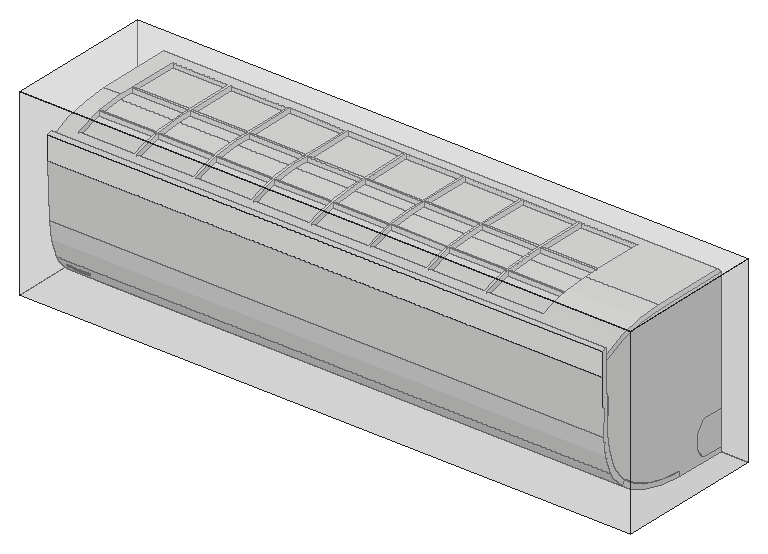
Revit family "outputfile", category 機械設備, Revit 2024
Family settings
  丸型コネクタ寸法 = 半径を使用
  パーツ タイプ = 標準
  OmniClass 番号 = 23.75.10.24.21.27.27
  OmniClass タイトル = Split System Air Conditioning Units
  作業面ベース = いいえ
  常に垂直 = はい
  ロード時にボイドで切り取り = いいえ
  注釈の向きを維持 = いいえ
  共有 = いいえ
  部屋計算ポイント = いいえ
Parameters (values of type "CTKM50RVM4")
  Description = ""
  書き出し IFC クラス(タイプ) = "IfcUnitaryEquipmentType"
  定義済み IFC タイプ(タイプ) = "AIRCONDITIONINGUNIT"
  Cost = 0
  Type Comments = ""
  Keynote = ""
  Type Image = (empty or 0)
  Assembly Code = ""
  w_wall hole = if(Width = 770.0 mm, 48.0 mm, 60.0 mm)  # 60.0 mm
  製造元 = "Daikin"
  モデル = "CTKM50RVM4"
  switch_frequency = yes
  r_Liquid Pipe Size = Liquid Pipe Size / 2  # 3.2 mm
  r_Gas Pipe Size = Gas Pipe Size / 2  # 6.35 mm
  r_Drain Pipe Size = Drain Pipe Size / 2  # 8.0 mm
  lw_powersupply [instance] = if(Width = 770.0 mm, if(or(Rear Right Connection_refrigerant, Bottom Right Connection_refrigerant), 25.0 mm, if(or(Rear Left Connection_refrigerant, Bottom Left Connection_refrigerant), 745.0 mm, 400.0 mm)), if(Width = 990.0 mm, if(or(Rear Right Connection_refrigerant, Bottom Right Connection_refrigerant), 40.0 mm, if(or(Rear Left Connection_refrigerant, Bottom Left Connection_refrigerant), 920.0 mm, 400.0 mm)), if(or(Rear Right Connection_refrigerant, Bottom Right Connection_refrigerant), 40.0 mm, if(or(Rear Left Connection_refrigerant, Bottom Left Connection_refrigerant), 920.0 mm, 400.0 mm))))  # 400.0 mm
  lw_liquidpipe [instance] = if(Width = 770.0 mm, if(or(Rear Right Connection_refrigerant, Bottom Right Connection_refrigerant), 0.0 mm, if(or(Rear Left Connection_refrigerant, Bottom Left Connection_refrigerant), 664.0 mm, 385.0 mm)), if(Width = 990.0 mm, if(or(Rear Right Connection_refrigerant, Bottom Right Connection_refrigerant), 0.0 mm, if(or(Rear Left Connection_refrigerant, Bottom Left Connection_refrigerant), 664.0 mm + (990.0 mm - 770.0 mm), 475.0 mm)), if(or(Rear Right Connection_refrigerant, Bottom Right Connection_refrigerant), 0.0 mm, if(or(Rear Left Connection_refrigerant, Bottom Left Connection_refrigerant), 664.0 mm + (990.0 mm - 770.0 mm), 475.0 mm))))  # 475.0 mm
  lw_gaspipe [instance] = if(Width = 770.0 mm, if(or(Rear Right Connection_refrigerant, Bottom Right Connection_refrigerant), 0.0 mm, if(or(Rear Left Connection_refrigerant, Bottom Left Connection_refrigerant), 675.0 mm, if(Gas Pipe Size = 12.7 mm, 335.0 mm, 335.0 mm))), if(Width = 990.0 mm, if(or(Rear Right Connection_refrigerant, Bottom Right Connection_refrigerant), 10.0 mm, if(or(Rear Left Connection_refrigerant, Bottom Left Connection_refrigerant), 890.0 mm, if(Gas Pipe Size = 15.9 mm, 400.0 mm, 400.0 mm))), if(or(Rear Right Connection_refrigerant, Bottom Right Connection_refrigerant), 10.0 mm, if(or(Rear Left Connection_refrigerant, Bottom Left Connection_refrigerant), 890.0 mm, if(Gas Pipe Size = 15.9 mm, 400.0 mm, 400.0 mm)))))  # 400.0 mm
  lw_drainpipe [instance] = if(Width = 770.0 mm, if(or(Rear Right Connection_refrigerant, Bottom Right Connection_refrigerant), 0.0 mm, if(or(Rear Left Connection_refrigerant, Bottom Left Connection_refrigerant), 770.0 mm - 48.0 mm - 48.0 mm, 440.0 mm)), if(Width = 990.0 mm, if(or(Rear Right Connection_refrigerant, Bottom Right Connection_refrigerant), 0.0 mm, if(or(Rear Left Connection_refrigerant, Bottom Left Connection_refrigerant), 675.0 mm + (990.0 mm - 770.0 mm), 435.0 mm)), if(or(Rear Right Connection_refrigerant, Bottom Right Connection_refrigerant), 0.0 mm, if(or(Rear Left Connection_refrigerant, Bottom Left Connection_refrigerant), 675.0 mm + (990.0 mm - 770.0 mm), 435.0 mm))))  # 435.0 mm
  l_powersupply_length [instance] = if(Width = 770.0 mm, if(Right Connection_refrigerant, 400.0 mm, if(Left Connection_refrigerant, 770.0 mm - 400.0 mm, if(or(Rear Left Connection_refrigerant, Rear Right Connection_refrigerant), 15.0 mm, 50.0 mm))), if(Width = 990.0 mm, if(Right Connection_refrigerant, 400.0 mm, if(Left Connection_refrigerant, 990.0 mm - 400.0 mm, if(or(Rear Left Connection_refrigerant, Rear Right Connection_refrigerant), 15.0 mm, 50.0 mm))), if(Right Connection_refrigerant, 400.0 mm, if(Left Connection_refrigerant, 990.0 mm - 400.0 mm, if(or(Rear Left Connection_refrigerant, Rear Right Connection_refrigerant), 15.0 mm, 50.0 mm)))))  # 400.0 mm
  l_liquidpipe_length [instance] = if(Width = 770.0 mm, if(Right Connection_refrigerant, 433.0 mm, if(Left Connection_refrigerant, 337.0 mm, if(or(Rear Left Connection_refrigerant, Rear Right Connection_refrigerant), 30.0 mm, 40.0 mm))), if(Width = 990.0 mm, if(Right Connection_refrigerant, 535.0 mm, if(Left Connection_refrigerant, 455.0 mm, if(or(Rear Left Connection_refrigerant, Rear Right Connection_refrigerant), 30.0 mm, 40.0 mm))), if(Right Connection_refrigerant, 535.0 mm, if(Left Connection_refrigerant, 455.0 mm, if(or(Rear Left Connection_refrigerant, Rear Right Connection_refrigerant), 30.0 mm, 40.0 mm)))))  # 535.0 mm
  l_gaspipe_length [instance] = if(Width = 770.0 mm, if(Right Connection_refrigerant, if(Gas Pipe Size = 12.7 mm, 383.0 mm, 383.0 mm), if(Left Connection_refrigerant, if(Gas Pipe Size = 12.7 mm, 770.0 mm - 383.0 mm, 770.0 mm - 383.0 mm), if(or(Rear Left Connection_refrigerant, Rear Right Connection_refrigerant), 40.0 mm, 50.0 mm))), if(Width = 990.0 mm, if(Right Connection_refrigerant, if(Gas Pipe Size = 15.9 mm, 460.0 mm, 460.0 mm), if(Left Connection_refrigerant, if(Gas Pipe Size = 15.9 mm, 990.0 mm - 460.0 mm, 990.0 mm - 460.0 mm), if(or(Rear Left Connection_refrigerant, Rear Right Connection_refrigerant), 40.0 mm, 50.0 mm))), if(Right Connection_refrigerant, if(Gas Pipe Size = 15.9 mm, 460.0 mm, 460.0 mm), if(Left Connection_refrigerant, if(Gas Pipe Size = 15.9 mm, 990.0 mm - 460.0 mm, 990.0 mm - 460.0 mm), if(or(Rear Left Connection_refrigerant, Rear Right Connection_refrigerant), 40.0 mm, 50.0 mm)))))  # 460.0 mm
  l_drainpipe_length [instance] = if(Width = 770.0 mm, if(Right Connection_refrigerant, 488.0 mm, if(Left Connection_refrigerant, 282.0 mm, if(or(Rear Left Connection_refrigerant, Rear Right Connection_refrigerant), 15.0 mm, 20.0 mm))), if(Width = 990.0 mm, if(Right Connection_refrigerant, 495.0 mm, if(Left Connection_refrigerant, 495.0 mm, if(or(Rear Left Connection_refrigerant, Rear Right Connection_refrigerant), 15.0 mm, 20.0 mm))), if(Right Connection_refrigerant, 495.0 mm, if(Left Connection_refrigerant, 495.0 mm, if(or(Rear Left Connection_refrigerant, Rear Right Connection_refrigerant), 15.0 mm, 20.0 mm)))))  # 495.0 mm
  h*** = 0.0 mm  # constant formula
  connector_voltage = Voltage_50Hz  # 230 V
  connector_powerinput = [Power Input (Cooling)]  # 0.000 kW
  connector_phase = Phase_50Hz  # 1
  angle_vertical [instance] = if(or(Bottom Left Connection_refrigerant, Bottom Right Connection_refrigerant), 0.00°, 90.00°)  # 90.00°
  angle_horizontal [instance] = if(Right Connection_refrigerant, 90.00°, if(Left Connection_refrigerant, -90.00°, if(or(Rear Left Connection_refrigerant, Rear Right Connection_refrigerant), 180.00°, 0.00°)))  # 90.00°
  Width = 990.0 mm
  Voltage_comment_50Hz = "220 - 240"
  Voltage_50Hz = 230 V
  Version = "ver.1.0"
  Unit Type = "Wall Mounted"
  Unit Mass Weight = 13.00 kg
  Unit Designation [instance] = ""
  Uniclass2015Version = "Products v1.30"
  Uniclass2015Title = "Split coil room air conditioning units"
  Uniclass2015Code = "Pr_70_65_03_86"
  URL = ""
  Total Cooling Capacity [instance] = 0.000 kW
  Sound Pressure Level_M speed (dBA) = 40
  Sound Pressure Level_L speed (dBA) = 35
  Sound Pressure Level_H speed (dBA) = 45
  Sound Power Level_H speed (dB) = 0
  Series = "Multi Split_Fan Coil Unit"
  Sensible Cooling Capacity [instance] = 0.000 kW
  Refrigerant Type = "R32"
  Power Input (Cooling) = 0.000 kW
  Phase_50Hz = 1
  Option Accessory 3 [instance] = ""
  Option Accessory 2 [instance] = ""
  Option Accessory 1 [instance] = ""
  Nominal Cooling Capacity = 5.000 kW
  Minimum Circuit Amps_50Hz = 0.0 A
  Minimum Airflow = 702.00 m³/h
  Median Airflow = 852.00 m³/h
  Maximum Fuse Amps_50Hz = 0.0 A
  Maximum Airflow = 1010.00 m³/h
  Material_Casing = DAIKIN_White_Casing_indoorunit
  Load Classification = HVAC
  Liquid Pipe Size = 6.4 mm
  Link_Nested Family [instance] = ""
  IfcVersion = ""
  IfcExportType = "AIRCONDITIONINGUNIT"
  IfcExportAs = "IfcUnitaryEquipmentType"
  Height = 295.0 mm
  Heat Exchanger Type = "Cross Fin Coil"
  Gas Pipe Size = 12.7 mm
  Frequency_50Hz = 50 Hz
  Fan Type = "Cross Flow Fan"
  Fan Drive = "Direct Drive"
  FCU Tag No. [instance] = ""
  Drain Pipe Size = 16.0 mm
  Design Supply Airflow [instance] = 0.00 m³/h
  Depth = 263.0 mm
  既定の高さ = 0.0 mm
  Cooling Entering Wet Bulb Temperature [instance] = 0.00 °C
  Cooling Entering Dry Bulb Temperature [instance] = 0.00 °C
  Cooling Ambient Wet Bulb Temperature [instance] = 0.00 °C
  Cooling Ambient Dry Bulb Temperature [instance] = 0.00 °C
  Clearance visibility [instance] = yes
  Clearance Top = 30.0 mm
  Clearance Right = 50.0 mm
  Clearance Rear = 0.0 mm
  Clearance Left = 50.0 mm
  Clearance Front = 0.0 mm
  Clearance Bottom = 0.0 mm
  Bottom Right Connection_refrigerant [instance] = no
  Bottom Left Connection_refrigerant [instance] = no
  Rear Right Connection_refrigerant [instance] = no
  Rear Left Connection_refrigerant [instance] = no
  Right Connection_refrigerant [instance] = yes
  Left Connection_refrigerant [instance] = no
Reference planes
  plane 1 "Back": y = 0
  plane 2: z = 0
  plane 3 "Center (Left/Right)": x = 0
  plane 4 "Center (Front/Back)": y = -131.5
  plane 5 "Front": y = -263
  plane 6 "Left": x = -495
  plane 7 "Right": x = 495
  plane 8 "Top": z = 0
  plane 9 "Bottom": z = -295
  plane 10: x = -545
  plane 11: x = 545
  plane 12: y = 0
  plane 13: y = -263
  plane 14: z = 30
  plane 15: z = -295
  plane 16 "lw_Piping and Wiring intake": x = 435
  plane 17 "lw_gaspipe": x = 35
  plane 18 "lw_liquidpipe": x = -40
  plane 19 "lw_drainpipe": x = 0
  plane 20 "lh_drainpipe": z = -275
  plane 21 "lh_liquidpipe": z = -255
  plane 22 "lh_gaspipe": z = -245
  plane 23 "ld_drainpipe": y = -15
  plane 24 "ld_liquidpipe": y = -30
  plane 25 "ld_gaspipe": y = -40
  plane 26 "lw_powersupply": x = 95
Dimensions and locks
  equal spacing: plane 6 "Left", plane 3 "Center (Left/Right)", plane 7 "Right"
  "Width": plane 6 "Left" to plane 7 "Right"
  equal spacing: plane 5 "Front", plane 4 "Center (Front/Back)", plane 1 "Back"
  "Depth": plane 5 "Front" to plane 1 "Back"
  "Height": plane 8 "Top" to plane 9 "Bottom"
  "Clearance Rear": plane 12 to plane 1 "Back"
  "Clearance Front": plane 13 to plane 5 "Front"
  "Clearance Top": plane 14 to plane 8 "Top"
  "Clearance Bottom": plane 9 "Bottom" to plane 15
  "w_wall hole": plane 16 "lw_Piping and Wiring intake" to plane 7 "Right"
  "lw_gaspipe": plane 17 "lw_gaspipe" to plane 16 "lw_Piping and Wiring intake"
  "lw_liquidpipe": plane 18 "lw_liquidpipe" to plane 16 "lw_Piping and Wiring intake"
  "lw_drainpipe": plane 19 "lw_drainpipe" to plane 16 "lw_Piping and Wiring intake"
  locked: plane 20 "lh_drainpipe" to plane 9 "Bottom" at 20
  locked: plane 21 "lh_liquidpipe" to plane 9 "Bottom" at 40
  locked: plane 22 "lh_gaspipe" to plane 9 "Bottom" at 50
  locked: plane 23 "ld_drainpipe" to plane 1 "Back" at 15
  locked: plane 1 "Back" to plane 24 "ld_liquidpipe" at 30
  locked: plane 1 "Back" to plane 25 "ld_gaspipe" at 40
  "lw_powersupply": plane 26 "lw_powersupply" to plane 7 "Right"
  "Clearance Left": plane 10 to plane 6 "Left"
  "Clearance Right": plane 7 "Right" to plane 11
  aligned and locked: level to plane 2
  aligned and locked: plane 12 to nested 1
  aligned and locked: nested 1 to plane 13
  aligned and locked: plane 10 to nested 1
  aligned and locked: plane 11 to nested 1
  aligned and locked: plane 15 to nested 1
  aligned and locked: plane 14 to nested 1
  aligned and locked: plane 17 "lw_gaspipe" to nested 2
  aligned and locked: nested 2 to plane 25 "ld_gaspipe"
  aligned and locked: plane 18 "lw_liquidpipe" to nested 3
  aligned and locked: nested 3 to plane 24 "ld_liquidpipe"
  aligned and locked: plane 19 "lw_drainpipe" to nested 4
  aligned and locked: nested 4 to plane 23 "ld_drainpipe"
  aligned and locked: nested 5 to plane 23 "ld_drainpipe"
  aligned and locked: plane 26 "lw_powersupply" to nested 5
  aligned and locked: level to plane 8 "Top"
  aligned and locked: plane 3 "Center (Left/Right)" to nested 6
  aligned and locked: plane 1 "Back" to nested 6
  aligned and locked: plane 8 "Top" to nested 6
Nested families
  nested 1: "daikin_clearancespace" at (0, -131.5, -132.381), show <- "Clearance visibility", visible <- "Clearance visibility", Link_Nested Family <- "Link_Nested Family", type "daikin_clearancespace"
    with width 1090.0 mm, show yes, height 325.0 mm, depth 263.0 mm, Link_Nested Family ""
  nested 2: "daikin_connector_rotate3" at (35, -40, -245), angle_vertical <- "angle_vertical", angle_horizontal <- "angle_horizontal", length <- "l_gaspipe_length", radius <- "r_Gas Pipe Size", type "daikin_connector_rotate3"
    with show no, radius 6.35 mm, length 460.0 mm, angle_vertical 90.00°, angle_horizontal 90.00°
  nested 3: "daikin_connector_rotate3" at (-40, -30, -255), angle_vertical <- "angle_vertical", angle_horizontal <- "angle_horizontal", radius <- "r_Liquid Pipe Size", length <- "l_liquidpipe_length", type "daikin_connector_rotate3"
    with show no, radius 3.2 mm, length 535.0 mm, angle_vertical 90.00°, angle_horizontal 90.00°
  nested 4: "daikin_connector_rotate3" at (0, -15, -275), angle_vertical <- "angle_vertical", angle_horizontal <- "angle_horizontal", length <- "l_drainpipe_length", radius <- "r_Drain Pipe Size", type "daikin_connector_rotate3"
    with show no, radius 8.0 mm, length 495.0 mm, angle_vertical 90.00°, angle_horizontal 90.00°
  nested 5: "daikin_connector_rotate3" at (95, -15, -245), angle_vertical <- "angle_vertical", angle_horizontal <- "angle_horizontal", length <- "l_powersupply_length", type "daikin_connector_rotate3"
    with show no, radius 10.0 mm, length 400.0 mm, angle_vertical 90.00°, angle_horizontal 90.00°
  nested 6: "DAIKIN_indoorunit_CTKM-RVM4" at (-31, 0, 0), type "CTKM-RVM4"
    with switch_unit1_50-60 yes, switch_unit1_25-35 no, Width 990.0 mm, WALL HOLE-R 60.0 mm, WALL HOLE Size 80.0 mm, Height 295.0 mm
Connectors
  piping at (495, -40, -245), diameter 12.7, driven by "r_Gas Pipe Size"
    settings: on nested 2, index 1, connector inside diameter 609.6 mm, connector length 0.0 mm, flow factor 0, pipe flow 0.00 m³/h, pressure drop 0.0 Pa, fitting loss kfactor 0, connector angle 0.00°, fixture units 0, engagement length 0.0 mm, angle of deflection 0.00°, flow configuration 1, flow direction 2, fitting loss method 0, system type 29, joint type 0, gender type 0, connector reference index -1, connector utility 0, adjustable connector no, is connector primary yes, connector description "Refrigerant Gas Piping"
  piping at (495, -30, -255), diameter 6.4, driven by "r_Liquid Pipe Size"
    settings: on nested 3, index 2, connector inside diameter 609.6 mm, connector length 0.0 mm, flow factor 0, pipe flow 0.00 m³/h, pressure drop 0.0 Pa, fitting loss kfactor 0, connector angle 0.00°, fixture units 0, engagement length 0.0 mm, angle of deflection 0.00°, flow configuration 1, flow direction 1, fitting loss method 0, system type 29, joint type 0, gender type 0, connector reference index -1, connector utility 0, adjustable connector no, is connector primary no, connector description "Refrigerant Liquid Piping"
  piping at (495, -15, -275), diameter 16, driven by "r_Drain Pipe Size"
    settings: on nested 4, index 3, connector inside diameter 609.6 mm, connector length 0.0 mm, flow factor 0, pipe flow 0.00 m³/h, pressure drop 0.0 Pa, fitting loss kfactor 0, connector angle 0.00°, fixture units 0, engagement length 0.0 mm, angle of deflection 0.00°, flow configuration 1, flow direction 2, fitting loss method 4, system type 16, joint type 0, gender type 0, connector reference index -1, connector utility 0, adjustable connector no, is connector primary no, connector description "Condensate Drain Piping"
  electrical at (495, -15, -245), driven by "Load Classification", driven by "connector_powerinput", driven by "connector_phase", driven by "connector_voltage"
    settings: on nested 5, index 4, voltage 230 V, apparent load 0 VA, apparent load phase1 0 VA, apparent load phase2 0 VA, apparent load phase3 0 VA, power factor 1, load classification "HVAC", number of poles 1, system type 30, power factor state 1, is connector primary yes, connector utility no, sub classification motor no, connector description "Power Supply"
Definition of nested family "daikin_clearancespace"
  Parameters (values of type "daikin_clearancespace")
    Description = "daikin_clearancespace"
    width [instance] = 1823.963 mm
    show [instance] = yes
    material = none
    height [instance] = 1359.762 mm
    depth [instance] = 880.0 mm
    Default Elevation = 0.0 mm
    Link_Nested Family [instance] = ""
  Reference planes
    plane 1 "Center (Front/Back)": y = 0
    plane 2 "Center (Elevation)": z = -0.119
    plane 3 "Center (Left/Right)": x = 0
    plane 4: y = 440
    plane 5: y = -440
    plane 6 "Right": x = 911.982
    plane 7 "Left": x = -911.982
    plane 8 "Top": z = 679.762
    plane 9 "Bottom": z = -680
  Forms (mm)
    Extrusion 1, solid, material <- "material", visible <- "show"
      sketch origin (0, 0, 0) x (1, 0, 0) y (0, 1, 0)
        loop
          line (-911.982, 440) -> (-911.982, -440) -> (911.982, -440) -> (911.982, 440) -> (-911.982, 440)
      from -680 to 679.762
  Lines and regions (mm)
    symbolic lines, visible <- "show"
      curve 1: line (911.982, 440, 0) -> (-911.982, 440, 0)
      curve 2: line (-911.982, 440, 0) -> (-911.982, -440, 0)
      curve 3: line (-911.982, -440, 0) -> (911.982, -440, 0)
      curve 4: line (911.982, -440, 0) -> (911.982, 440, 0)
      curve 5: line (911.982, 0, 679.762) -> (-911.982, 0, 679.762)
      curve 6: line (911.982, 0, -680) -> (911.982, 0, 679.762)
      curve 7: line (-911.982, 0, -680) -> (911.982, 0, -680)
      curve 8: line (-911.982, 0, 679.762) -> (-911.982, 0, -680)
      curve 9: line (0, 440, 679.762) -> (0, -440, 679.762)
      curve 10: line (0, -440, 679.762) -> (0, -440, -680)
      curve 11: line (0, 440, -680) -> (0, 440, 679.762)
      curve 12: line (0, -440, -680) -> (0, 440, -680)
  Dimensions and locks
    "width": plane 7 "Left" to plane 6 "Right"
    "depth": plane 4 to plane 5
    "height": plane 8 "Top" to plane 9 "Bottom"
    equal spacing: plane 7 "Left", plane 3 "Center (Left/Right)", plane 6 "Right"
    equal spacing: plane 4, plane 1 "Center (Front/Back)", plane 5
    equal spacing: plane 8 "Top", plane 2 "Center (Elevation)", plane 9 "Bottom"
    aligned and locked: level to plane 2 "Center (Elevation)"
    aligned and locked: Extrusion 1 sketch curve to plane 4
    aligned and locked: plane 7 "Left" to Extrusion 1 sketch curve
    aligned and locked: Extrusion 1 sketch curve to plane 5
    aligned and locked: Extrusion 1 sketch curve to plane 6 "Right"
    aligned and locked: plane 8 "Top" to Extrusion 1
    aligned and locked: curve 1 to Extrusion 1
    aligned and locked: curve 2 to Extrusion 1
    aligned and locked: curve 3 to Extrusion 1
    aligned and locked: curve 4 to Extrusion 1
    aligned and locked: curve 5 to Extrusion 1
    aligned and locked: curve 6 to Extrusion 1
    aligned and locked: curve 7 to Extrusion 1
    aligned and locked: curve 8 to Extrusion 1
    aligned and locked: curve 9 to Extrusion 1
    aligned and locked: curve 10 to Extrusion 1
    aligned and locked: curve 11 to Extrusion 1
    aligned and locked: curve 12 to Extrusion 1
    aligned and locked: Extrusion 1 to plane 9 "Bottom"
Definition of nested family "DAIKIN_indoorunit_CTKM-RVM4"
  Parameters (values of type "CTKM-RVM4")
    switch_unit1_50-60 = Width = 990.0 mm  # no
    switch_unit1_25-35 = Width = 770.0 mm  # yes
    Width = 770.0 mm
    WALL HOLE-R = if(Width = 770.0 mm, 48.0 mm, 60.0 mm)  # 48.0 mm
    WALL HOLE Size = if(Width = 770.0 mm, 65.0 mm, 80.0 mm)  # 65.0 mm
    Material_Casing = none
    Height = if(Width = 770.0 mm, 285.0 mm, 295.0 mm)  # 285.0 mm
    Default Elevation = 0.0 mm
  Reference planes
    plane 1 "Center (Front/Back)": y = 0
    plane 2 "reference_level": z = 0
    plane 3 "Center (Left/Right)": x = 31
    plane 4: x = -354
    plane 5: x = 416
    plane 6: z = -285
  Forms (mm)
    Extrusion 1, solid, material <- "Material_Casing", visible <- "switch_unit1_25-35"
      sketch origin (29, 0, 0) x (0, 1, 0) y (0, 0, 1)
        loop
          line (-5, 0) -> (-98, 0)
          arc (-98, 0) -> (-157.611, -7.211) -> (-213.783, -28.427) r 250
          arc (-213.783, -28.427) -> (-213.842, -32.972) -> (-213.892, -37.516) r 2191
          arc (-213.892, -37.516) -> (-157.832, -15.495) -> (-98.07, -8) r 242
          line (-98.07, -8) -> (0, -8) -> (-5, 0)
      from -383 to 387
    Extrusion 2, solid, material <- "Material_Casing", visible <- "switch_unit1_25-35"
      sketch origin (416, 1296.25, 1200) x (0, 1, 0) y (0, 0, 1)
        loop
          line (-1472.998, -1446.91) -> (-1476.998, -1453.839)
          arc (-1476.998, -1453.839) -> (-1437.481, -1472.422) -> (-1395.25, -1483.538) r 240
          line (-1395.25, -1483.538) -> (-1395.25, -1475.422)
          arc (-1395.25, -1475.422) -> (-1435.407, -1464.663) -> (-1472.998, -1446.91) r 232
      from 0 to -47.5
    Extrusion 3, solid, material <- "Material_Casing", visible <- "switch_unit1_25-35"
      sketch origin (29, 0, 0) x (0, 1, 0) y (0, 0, 1)
        loop
          arc (-223, -60.455) -> (-222.414, -110.646) -> (-220.656, -160.81) r 2149.92
          arc (-220.656, -160.81) -> (-219.65, -174.299) -> (-217.853, -187.706) r 229.911
          arc (-217.853, -187.706) -> (-205.371, -223.594) -> (-181.517, -253.17) r 111
          line (-181.517, -253.17) -> (-177.429, -246.093)
          arc (-177.429, -246.093) -> (-198.77, -218.989) -> (-209.965, -186.36) r 103
          arc (-209.965, -186.36) -> (-211.681, -173.586) -> (-212.651, -160.735) r 221.844
          arc (-212.651, -160.735) -> (-214.739, -93.233) -> (-214.74, -25.699) r 2186.828
          arc (-214.74, -25.699) -> (-214.671, -21.467) -> (-214.594, -17.235) r 2192
          line (-214.594, -17.235) -> (-223, -19.961) -> (-223, -60.455)
      from -383 to 387
    Extrusion 4, solid, material <- "Material_Casing", visible <- "switch_unit1_25-35"
      sketch origin (29, 0, -20) x (0, 1, 0) y (0, 0, 1)
        loop
          line (0, -265) -> (0, 12) -> (-98.07, 12)
          arc (-98.07, 12) -> (-157.832, 4.505) -> (-213.892, -17.516) r 242
          arc (-213.892, -17.516) -> (-213.638, -79.114) -> (-211.653, -140.681) r 2191
          arc (-211.653, -140.681) -> (-210.685, -153.501) -> (-208.973, -166.243) r 221
          arc (-208.973, -166.243) -> (-197.471, -199.282) -> (-175.482, -226.491) r 102
          arc (-175.482, -226.491) -> (-138.004, -244.019) -> (-98, -254.579) r 231
          line (-98, -254.579) -> (-98, -265) -> (0, -265)
      from -383 to 387
    Extrusion 5, solid, material <- "Material_Casing", visible <- "switch_unit1_25-35"
      sketch origin (-354, 1296.25, 1200) x (0, 1, 0) y (0, 0, 1)
        loop
          line (-1472.998, -1446.91) -> (-1476.998, -1453.839)
          arc (-1476.998, -1453.839) -> (-1437.481, -1472.422) -> (-1395.25, -1483.538) r 240
          line (-1395.25, -1483.538) -> (-1395.25, -1475.422)
          arc (-1395.25, -1475.422) -> (-1435.407, -1464.663) -> (-1472.998, -1446.91) r 232
      from 47 to 0
    Extrusion 6, solid, material <- "Material_Casing", visible <- "switch_unit1_25-35"
      sketch origin (416, 1296.25, 1200) x (0, 1, 0) y (0, 0, 1)
        loop
          line (-1472.998, -1446.91) -> (-1476.998, -1453.839)
          arc (-1476.998, -1453.839) -> (-1443.437, -1470.168) -> (-1407.75, -1481.097) r 240
          line (-1407.75, -1481.097) -> (-1407.75, -1472.894)
          arc (-1407.75, -1472.894) -> (-1441.363, -1462.385) -> (-1472.998, -1446.91) r 232
      from -116.993 to -48.493
    Extrusion 7, solid, material <- "Material_Casing", visible <- "switch_unit1_25-35"
      sketch origin (416, 1296.25, 1200) x (0, 1, 0) y (0, 0, 1)
        loop
          line (-1472.998, -1446.91) -> (-1476.998, -1453.839)
          arc (-1476.998, -1453.839) -> (-1443.437, -1470.168) -> (-1407.75, -1481.097) r 240
          line (-1407.75, -1481.097) -> (-1407.75, -1472.894)
          arc (-1407.75, -1472.894) -> (-1441.363, -1462.385) -> (-1472.998, -1446.91) r 232
      from -717 to -121.993
    Extrusion 8, void
      sketch origin (31, 0, -235) x (1, 0, 0) y (0, 1, 0)
        loop
          line (-252.674, -22.316) -> (-354.941, -22.316) -> (-354.941, -91.341) -> (-252.674, -91.341) -> (-252.674, -22.316)
        loop
          line (-249.341, -91.341) -> (-151.574, -91.341) -> (-151.574, -22.316) -> (-249.341, -22.316) -> (-249.341, -91.341)
        loop
          line (58.309, -22.316) -> (-148.309, -22.316) -> (-148.309, -91.341) -> (58.309, -91.341) -> (58.309, -22.316)
        loop
          line (61.689, -22.316) -> (61.689, -91.341) -> (159.457, -91.341) -> (159.457, -22.316) -> (61.689, -22.316)
        loop
          line (162.789, -22.316) -> (162.789, -91.341) -> (265.057, -91.341) -> (265.057, -22.316) -> (162.789, -22.316)
        loop
          line (-354.941, -94.659) -> (-354.941, -165.259) -> (-252.674, -165.259) -> (-252.674, -94.659) -> (-354.941, -94.659)
        loop
          line (-249.341, -94.659) -> (-249.341, -165.259) -> (-151.574, -165.259) -> (-151.574, -94.659) -> (-249.341, -94.659)
        loop
          line (-148.309, -94.659) -> (-148.309, -165.259) -> (58.309, -165.259) -> (58.309, -94.659) -> (-148.309, -94.659)
        loop
          line (61.689, -94.659) -> (61.689, -165.259) -> (159.457, -165.259) -> (159.457, -94.659) -> (61.689, -94.659)
        loop
          line (162.789, -94.659) -> (162.789, -165.259) -> (265.057, -165.259) -> (265.057, -94.659) -> (162.789, -94.659)
        loop
          line (-354.941, -167.382) -> (-354.941, -192.681) -> (-252.674, -192.681) -> (-252.674, -167.382) -> (-354.941, -167.382)
        loop
          line (-249.341, -167.382) -> (-249.341, -192.681) -> (-151.574, -192.681) -> (-151.574, -167.382) -> (-249.341, -167.382)
        loop
          line (-148.309, -167.382) -> (-148.309, -192.681) -> (58.309, -192.681) -> (58.309, -167.382) -> (-148.309, -167.382)
        loop
          line (159.457, -167.382) -> (61.689, -167.382) -> (61.689, -192.681) -> (159.457, -192.681) -> (159.457, -167.382)
        loop
          line (265.057, -167.382) -> (162.789, -167.382) -> (162.789, -192.681) -> (265.057, -192.681) -> (265.057, -167.382)
      from 201.638 to 250
    Extrusion 9, solid, material <- "Material_Casing"
      sketch origin (31, 0, 0) x (1, 0, 0) y (0, 0, 1)
        loop
          circle (337, -240.5) r 32.5
        loop
          circle (-337, -240.5) r 32.5
      from 0 to 5
    Extrusion 10, solid, material <- "Material_Casing", visible <- "switch_unit1_25-35"
      sketch origin (416, 1296.25, 1200) x (0, -1, 0) y (0, 0, 1)
        loop
          line (1326.25, -1417) -> (1296.25, -1417) -> (1296.25, -1477) -> (1326.25, -1477)
          arc (1326.25, -1477) -> (1340.393, -1471.142) -> (1346.25, -1457) r 20
          line (1346.25, -1457) -> (1346.25, -1437)
          arc (1346.25, -1437) -> (1340.393, -1422.858) -> (1326.25, -1417) r 20
      from 0 to 5
    Extrusion 11, solid, material <- "Material_Casing", visible <- "switch_unit1_25-35"
      sketch origin (-354, 1296.25, 1200) x (0, 1, 0) y (0, 0, 1)
        loop
          line (-1296.25, -1417) -> (-1326.25, -1417)
          arc (-1326.25, -1417) -> (-1340.393, -1422.858) -> (-1346.25, -1437) r 20
          line (-1346.25, -1437) -> (-1346.25, -1457)
          arc (-1346.25, -1457) -> (-1340.393, -1471.142) -> (-1326.25, -1477) r 20
          line (-1326.25, -1477) -> (-1296.25, -1477) -> (-1296.25, -1417)
      from 0 to 5
    Extrusion 12, solid, material <- "Material_Casing", visible <- "switch_unit1_25-35"
      sketch origin (31, 0, -285) x (-1, 0, 0) y (0, -1, 0)
        loop
          line (-314, 0) -> (-314, 30)
          arc (-314, 30) -> (-319.858, 44.142) -> (-334, 50) r 20
          line (-334, 50) -> (-354, 50)
          arc (-354, 50) -> (-368.142, 44.142) -> (-374, 30) r 20
          line (-374, 30) -> (-374, 0) -> (-314, 0)
        loop
          line (374, 0) -> (374, 30)
          arc (374, 30) -> (368.142, 44.142) -> (354, 50) r 20
          line (354, 50) -> (334, 50)
          arc (334, 50) -> (319.858, 44.142) -> (314, 30) r 20
          line (314, 30) -> (314, 0) -> (374, 0)
      from 0 to 5
    Extrusion 13, solid, material <- "Material_Casing", visible <- "switch_unit1_50-60"
      sketch origin (31, 0, 0) x (0, 1, 0) y (0, 0, 1)
        loop
          line (-5, 0) -> (-138, 0)
          arc (-138, 0) -> (-197.611, -7.211) -> (-253.783, -28.427) r 250
          arc (-253.783, -28.427) -> (-253.838, -32.687) -> (-253.886, -36.946) r 2191
          arc (-253.886, -36.946) -> (-197.73, -15.346) -> (-138.014, -8) r 246.393
          line (-138.014, -8) -> (0, -8) -> (-5, 0)
      from -495 to 495
    Extrusion 14, solid, material <- "Material_Casing", visible <- "switch_unit1_50-60"
      sketch origin (418, 1296.25, 1200) x (0, 1, 0) y (0, 0, 1)
        loop
          arc (-1515.208, -1454.149) -> (-1506.856, -1460.599) -> (-1497.925, -1466.219) r 110
          arc (-1497.925, -1466.219) -> (-1445.718, -1487.493) -> (-1389.844, -1494.995) r 223
          line (-1389.844, -1494.995) -> (-1389.844, -1486.086) -> (-1404.386, -1486.086)
          arc (-1404.386, -1486.086) -> (-1449.542, -1477.46) -> (-1491.818, -1459.402) r 214.289
          arc (-1491.818, -1459.402) -> (-1501.056, -1453.541) -> (-1509.606, -1446.715) r 101
          line (-1509.606, -1446.715) -> (-1515.208, -1454.149)
      from 108 to 57.5
    Extrusion 15, solid, material <- "Material_Casing", visible <- "switch_unit1_50-60"
      sketch origin (31, 0, 0) x (0, 1, 0) y (0, 0, 1)
        loop
          line (-263, -19.962) -> (-263, -61.6)
          arc (-263, -61.6) -> (-262.414, -110.219) -> (-260.656, -158.81) r 2017.341
          arc (-260.656, -158.81) -> (-255.648, -191.935) -> (-244.041, -223.362) r 164.725
          arc (-244.041, -223.362) -> (-233.569, -239.793) -> (-219.717, -253.495) r 87.379
          line (-219.717, -253.495) -> (-214.706, -246.846)
          arc (-214.706, -246.846) -> (-229.564, -230.029) -> (-240.385, -210.371) r 102
          arc (-240.385, -210.371) -> (-249.049, -182.962) -> (-252.848, -154.467) r 165.789
          arc (-252.848, -154.467) -> (-254.771, -90.102) -> (-254.74, -25.708) r 2122.533
          arc (-254.74, -25.708) -> (-254.671, -21.469) -> (-254.594, -17.23) r 2192
          line (-254.594, -17.23) -> (-263, -19.962)
      from -495 to 495
    Extrusion 16, void
      sketch origin (33, 0, 0) x (1, 0, 0) y (0, 1, 0)
        loop
          line (-466.909, -22.316) -> (-466.909, -111.341) -> (-366.303, -111.341) -> (-366.303, -22.316) -> (-466.909, -22.316)
        loop
          line (-362.71, -22.316) -> (-362.71, -111.341) -> (-262.103, -111.341) -> (-262.103, -22.316) -> (-362.71, -22.316)
        loop
          line (-258.51, -22.316) -> (-258.51, -111.341) -> (-157.904, -111.341) -> (-157.904, -22.316) -> (-258.51, -22.316)
        loop
          line (-154.31, -22.316) -> (-154.31, -111.341) -> (-53.704, -111.341) -> (-53.704, -22.316) -> (-154.31, -22.316)
        loop
          line (-50.11, -22.316) -> (-50.11, -111.341) -> (50.496, -111.341) -> (50.496, -22.316) -> (-50.11, -22.316)
        loop
          line (54.089, -22.316) -> (54.089, -111.341) -> (154.696, -111.341) -> (154.696, -22.316) -> (54.089, -22.316)
        loop
          line (158.289, -22.316) -> (158.289, -111.341) -> (258.895, -111.341) -> (258.895, -22.316) -> (158.289, -22.316)
        loop
          line (262.489, -22.316) -> (262.489, -111.341) -> (363.095, -111.341) -> (363.095, -22.316) -> (262.489, -22.316)
        loop
          line (-466.909, -114.459) -> (-466.909, -185.059) -> (-366.303, -185.059) -> (-366.303, -114.459) -> (-466.909, -114.459)
        loop
          line (-362.71, -114.459) -> (-362.71, -185.059) -> (-262.103, -185.059) -> (-262.103, -114.459) -> (-362.71, -114.459)
        loop
          line (-258.51, -114.459) -> (-258.51, -185.059) -> (-157.904, -185.059) -> (-157.904, -114.459) -> (-258.51, -114.459)
        loop
          line (-154.31, -114.459) -> (-154.31, -185.059) -> (-53.704, -185.059) -> (-53.704, -114.459) -> (-154.31, -114.459)
        loop
          line (-50.11, -114.459) -> (-50.11, -185.059) -> (50.496, -185.059) -> (50.496, -114.459) -> (-50.11, -114.459)
        loop
          line (54.089, -114.459) -> (54.089, -185.059) -> (154.696, -185.059) -> (154.696, -114.459) -> (54.089, -114.459)
        loop
          line (158.289, -114.459) -> (158.289, -185.059) -> (258.895, -185.059) -> (258.895, -114.459) -> (158.289, -114.459)
        loop
          line (262.489, -114.459) -> (262.489, -185.059) -> (363.095, -185.059) -> (363.095, -114.459) -> (262.489, -114.459)
        loop
          line (-466.909, -187.382) -> (-466.909, -232.681) -> (-366.303, -232.681) -> (-366.303, -187.382) -> (-466.909, -187.382)
        loop
          line (-362.71, -187.382) -> (-362.71, -232.681) -> (-262.103, -232.681) -> (-262.103, -187.382) -> (-362.71, -187.382)
        loop
          line (-258.51, -187.382) -> (-258.51, -232.681) -> (-157.904, -232.681) -> (-157.904, -187.382) -> (-258.51, -187.382)
        loop
          line (-154.31, -187.382) -> (-154.31, -232.681) -> (-53.704, -232.681) -> (-53.704, -187.382) -> (-154.31, -187.382)
        loop
          line (-50.11, -187.382) -> (-50.11, -232.681) -> (50.496, -232.681) -> (50.496, -187.382) -> (-50.11, -187.382)
        loop
          line (54.089, -187.382) -> (54.089, -232.681) -> (154.696, -232.681) -> (154.696, -187.382) -> (54.089, -187.382)
        loop
          line (158.289, -187.382) -> (158.289, -232.681) -> (258.895, -232.681) -> (258.895, -187.382) -> (158.289, -187.382)
        loop
          line (262.489, -187.382) -> (262.489, -232.681) -> (363.095, -232.681) -> (363.095, -187.382) -> (262.489, -187.382)
      from -40.013 to 47.268
    Extrusion 17, solid, material <- "Material_Casing", visible <- "switch_unit1_50-60"
      sketch origin (-356, 1296.25, 1200) x (0, 1, 0) y (0, 0, -1)
        loop
          line (-1515.208, 1454.149) -> (-1509.606, 1446.715)
          arc (-1509.606, 1446.715) -> (-1501.056, 1453.541) -> (-1491.818, 1459.402) r 101
          arc (-1491.818, 1459.402) -> (-1449.542, 1477.46) -> (-1404.386, 1486.086) r 214.289
          line (-1404.386, 1486.086) -> (-1389.844, 1486.086) -> (-1389.844, 1494.995)
          arc (-1389.844, 1494.995) -> (-1445.718, 1487.493) -> (-1497.925, 1466.219) r 223
          arc (-1497.925, 1466.219) -> (-1506.856, 1460.599) -> (-1515.208, 1454.149) r 110
      from 108 to 61
    Extrusion 18, solid, material <- "Material_Casing", visible <- "switch_unit1_50-60"
      sketch origin (418, 1296.25, 1200) x (0, 1, 0) y (0, 0, 1)
        loop
          arc (-1515.208, -1454.149) -> (-1506.856, -1460.599) -> (-1497.925, -1466.219) r 110
          arc (-1497.925, -1466.219) -> (-1463.185, -1482.066) -> (-1426.25, -1491.755) r 223
          line (-1426.25, -1491.755) -> (-1426.25, -1483.166)
          arc (-1426.25, -1483.166) -> (-1460.008, -1473.969) -> (-1491.818, -1459.402) r 214.289
          arc (-1491.818, -1459.402) -> (-1501.056, -1453.541) -> (-1509.606, -1446.715) r 101
          line (-1509.606, -1446.715) -> (-1515.208, -1454.149)
      from 56.5 to -36.993
    Extrusion 19, solid, material <- "Material_Casing", visible <- "switch_unit1_50-60"
      sketch origin (418, 1296.25, 1200) x (0, 1, 0) y (0, 0, 1)
        loop
          arc (-1426.25, -1483.166) -> (-1443.442, -1479.224) -> (-1460.25, -1473.881) r 214.289
          line (-1460.25, -1473.881) -> (-1460.25, -1483.089)
          arc (-1460.25, -1483.089) -> (-1443.421, -1488.091) -> (-1426.25, -1491.755) r 223
          line (-1426.25, -1491.755) -> (-1426.25, -1483.166)
      from -43.493 to -828.893
    Extrusion 20, solid, material <- "Material_Casing", visible <- "switch_unit1_50-60"
      sketch origin (418, 1296.25, 1200) x (0, 1, 0) y (0, 0, 1)
        loop
          arc (-1515.208, -1454.149) -> (-1506.856, -1460.599) -> (-1497.925, -1466.219) r 110
          arc (-1497.925, -1466.219) -> (-1479.479, -1475.527) -> (-1460.25, -1483.089) r 223
          line (-1460.25, -1483.089) -> (-1460.25, -1473.881)
          arc (-1460.25, -1473.881) -> (-1476.328, -1467.282) -> (-1491.818, -1459.402) r 214.289
          arc (-1491.818, -1459.402) -> (-1501.056, -1453.541) -> (-1509.606, -1446.715) r 101
          line (-1509.606, -1446.715) -> (-1515.208, -1454.149)
      from -43.493 to -828.893
    Extrusion 21, solid, material <- "Material_Casing", visible <- "switch_unit1_50-60"
      sketch origin (31, 0, -30) x (0, 1, 0) y (0, 0, 1)
        loop
          line (0, 22) -> (-138.014, 22)
          arc (-138.014, 22) -> (-197.73, 14.654) -> (-253.886, -6.946) r 246.393
          arc (-253.886, -6.946) -> (-253.682, -65.635) -> (-251.855, -124.295) r 2120.935
          arc (-251.855, -124.295) -> (-248.086, -152.682) -> (-239.461, -179.988) r 164.789
          arc (-239.461, -179.988) -> (-228.903, -199.231) -> (-214.437, -215.738) r 101
          line (-214.437, -215.738) -> (-212.406, -216.221)
          arc (-212.406, -216.221) -> (-204.07, -222.837) -> (-195.079, -228.53) r 100
          arc (-195.079, -228.53) -> (-145.557, -248.629) -> (-92.593, -255.785) r 213.289
          line (-92.593, -255.785) -> (-92.593, -265) -> (0, -265) -> (0, 22)
      from -495 to 495
    Extrusion 22, solid, material <- "Material_Casing", visible <- "switch_unit1_50-60"
      sketch origin (526, 1296.25, 1200) x (0, -1, 0) y (0, 0, 1)
        loop
          line (1326.25, -1427.035) -> (1296.25, -1427.035) -> (1296.25, -1487.035) -> (1326.25, -1487.035)
          arc (1326.25, -1487.035) -> (1340.393, -1481.177) -> (1346.25, -1467.035) r 20
          line (1346.25, -1467.035) -> (1346.25, -1447.035)
          arc (1346.25, -1447.035) -> (1340.393, -1432.892) -> (1326.25, -1427.035) r 20
      from 0 to 5
    Extrusion 23, solid, material <- "Material_Casing", visible <- "switch_unit1_50-60"
      sketch origin (-459, 1296.25, 1200) x (0, -1, 0) y (0, 0, 1)
        loop
          line (1326.25, -1427.035) -> (1296.25, -1427.035) -> (1296.25, -1487.035) -> (1326.25, -1487.035)
          arc (1326.25, -1487.035) -> (1340.393, -1481.177) -> (1346.25, -1467.035) r 20
          line (1346.25, -1467.035) -> (1346.25, -1447.035)
          arc (1346.25, -1447.035) -> (1340.393, -1432.892) -> (1326.25, -1427.035) r 20
      from 0 to 5
    Extrusion 24, solid, material <- "Material_Casing", visible <- "switch_unit1_50-60"
      sketch origin (31, 200, -295) x (-1, 0, 0) y (0, -1, 0)
        loop
          line (469, 200) -> (469, 230)
          arc (469, 230) -> (463.142, 244.142) -> (449, 250) r 20
          line (449, 250) -> (429, 250)
          arc (429, 250) -> (414.858, 244.142) -> (409, 230) r 20
          line (409, 230) -> (409, 200) -> (469, 200)
        loop
          line (-469, 200) -> (-409, 200) -> (-409, 230)
          arc (-409, 230) -> (-414.858, 244.142) -> (-429, 250) r 20
          line (-429, 250) -> (-449, 250)
          arc (-449, 250) -> (-463.142, 244.142) -> (-469, 230) r 20
          line (-469, 230) -> (-469, 200)
      from 0 to 5
  Cuts and joins
    Extrusion 8 cuts Extrusion 1
    Extrusion 16 cuts Extrusion 13
  Lines and regions (mm)
    reference lines
      curve 1: line (-523, -201.911, -229.404) -> (-523, -193.542, -239.977)
      curve 2: line (-523, -240.779, -229.404) -> (-523, -232.411, -239.977)
  Dimensions and locks
    locked: Extrusion 10 sketch curve to Extrusion 10 sketch curve at 60
    locked: Extrusion 10 sketch curve to Extrusion 10 sketch curve at 50
    locked: Extrusion 12 sketch curve to Extrusion 12 sketch curve at 60  (x2)
    locked: Extrusion 12 sketch curve to Extrusion 12 sketch curve at 50
    equal spacing: plane 5, plane 3 "Center (Left/Right)", plane 4
    "Width": plane 5 to plane 4
    locked: Extrusion 9 sketch curve to plane 4 at 48
    "WALL HOLE-R": plane 5 to Extrusion 9 sketch curve
    "Height": plane 2 "reference_level" to plane 6
    locked: Extrusion 9 sketch curve to plane 6 at 44.5  (x2)
    locked: Extrusion 15 to nested 2 at 15
    locked: Extrusion 22 sketch curve to Extrusion 22 sketch curve at 60
    locked: Extrusion 22 sketch curve to Extrusion 22 sketch curve at 50
    locked: Extrusion 23 sketch curve to Extrusion 23 sketch curve at 60
    locked: Extrusion 23 sketch curve to Extrusion 23 sketch curve at 50
    locked: Extrusion 24 sketch curve to Extrusion 24 sketch curve at 60  (x2)
    locked: Extrusion 24 sketch curve to Extrusion 24 sketch curve at 50  (x2)
    "WALL HOLE Size": diameter of Extrusion 9 sketch curve  (x2)
    aligned and locked: level to plane 2 "reference_level"
    aligned and locked: nested 1 to curve 1
    aligned and locked: Extrusion 11 sketch curve to Extrusion 10  (x4)
    aligned and locked: Extrusion 12 sketch curve to Extrusion 12 sketch curve  (x2)
    aligned and locked: Extrusion 9 to plane 1 "Center (Front/Back)"
    aligned and locked: nested 2 to curve 2
  Automatic sketch dimensions
    curve 1 to level = 239.977 mm
    plane 1 "Center (Front/Back)" to curve 1 = 193.542 mm
    curve 2 to curve 1 = 0.0 mm
    curve 2 to curve 2 = 10.573 mm
    curve 1 to curve 1 = 10.573 mm
    curve 1 to curve 1 = 8.368 mm
    curve 1 to curve 2 = 30.5 mm
    curve 2 to curve 2 = 8.368 mm
    Extrusion 1 sketch curve to level = 0.0 mm
    Extrusion 1 sketch curve to plane 1 "Center (Front/Back)" = 0.0 mm
    plane 1 "Center (Front/Back)" to Extrusion 1 sketch curve = 5.0 mm
    plane 1 "Center (Front/Back)" to Extrusion 1 sketch curve = 98.0 mm
    Extrusion 1 sketch curve to Extrusion 1 sketch curve = 0.07 mm
    Extrusion 1 sketch curve to level = 59.292 mm
    Extrusion 1 sketch curve to plane 1 "Center (Front/Back)" = 1977.0 mm
    Extrusion 1 sketch curve to level = 250.0 mm
    Extrusion 1 sketch curve to Extrusion 1 sketch curve = 0.0 mm
    Extrusion 1 sketch curve to level = 8.0 mm
    Extrusion 1 sketch curve to level = 28.427 mm
    plane 1 "Center (Front/Back)" to Extrusion 2 sketch curve = 180.748 mm
    Extrusion 2 sketch curve to Extrusion 2 sketch curve = 4.0 mm
    Extrusion 2 sketch curve to Extrusion 2 sketch curve = 77.747 mm
    plane 1 "Center (Front/Back)" to Extrusion 2 sketch curve = 59.279 mm
    Extrusion 2 sketch curve to Extrusion 2 sketch curve = 0.0 mm
    Extrusion 2 sketch curve to level = 283.538 mm
    Extrusion 2 sketch curve to Extrusion 2 sketch curve = 8.116 mm
    Extrusion 2 sketch curve to Extrusion 2 sketch curve = 21.583 mm
    Extrusion 2 sketch curve to Extrusion 2 sketch curve = 6.929 mm
    Extrusion 3 sketch curve to level = 19.961 mm
    plane 1 "Center (Front/Back)" to Extrusion 3 sketch curve = 223.0 mm
    Extrusion 3 sketch curve to level = 17.235 mm
    Extrusion 3 sketch curve to Extrusion 3 sketch curve = 8.406 mm
    plane 1 "Center (Front/Back)" to Extrusion 3 sketch curve = 181.517 mm
    Extrusion 3 sketch curve to Extrusion 3 sketch curve = 4.087 mm
    Extrusion 3 sketch curve to Extrusion 3 sketch curve = 69.11 mm
    Extrusion 3 sketch curve to Extrusion 3 sketch curve = 0.001 mm
    Extrusion 3 sketch curve to plane 1 "Center (Front/Back)" = 8.955 mm
    Extrusion 3 sketch curve to Extrusion 3 sketch curve = 0.067 mm
    Extrusion 3 sketch curve to level = 60.455 mm
    Extrusion 3 sketch curve to Extrusion 3 sketch curve = 1917.898 mm
    Extrusion 3 sketch curve to Extrusion 3 sketch curve = 44.907 mm
    Extrusion 3 sketch curve to Extrusion 3 sketch curve = 5.172 mm
    Extrusion 3 sketch curve to level = 150.456 mm
    Extrusion 3 sketch curve to Extrusion 3 sketch curve = 0.006 mm
    Extrusion 3 sketch curve to Extrusion 3 sketch curve = 19.265 mm
    Extrusion 3 sketch curve to Extrusion 3 sketch curve = 0.004 mm
    Extrusion 3 sketch curve to Extrusion 3 sketch curve = 76.368 mm
    Extrusion 3 sketch curve to Extrusion 3 sketch curve = 7.077 mm
    Extrusion 3 sketch curve to Extrusion 3 sketch curve = 1.002 mm
    Extrusion 3 sketch curve to Extrusion 3 sketch curve = 0.046 mm
    Extrusion 3 sketch curve to Extrusion 3 sketch curve = 8.005 mm
    Extrusion 3 sketch curve to Extrusion 3 sketch curve = 0.147 mm
    Extrusion 3 sketch curve to Extrusion 3 sketch curve = 0.0 mm
    Extrusion 4 sketch curve to plane 1 "Center (Front/Back)" = 0.0 mm
    plane 1 "Center (Front/Back)" to Extrusion 4 sketch curve = 59.278 mm
    Extrusion 4 sketch curve to Extrusion 4 sketch curve = 98.0 mm
    Extrusion 4 sketch curve to Extrusion 4 sketch curve = 0.0 mm  (x3)
    Extrusion 4 sketch curve to level = 8.0 mm
    Extrusion 4 sketch curve to Extrusion 4 sketch curve = 38.791 mm
    Extrusion 4 sketch curve to Extrusion 4 sketch curve = 10.249 mm
    Extrusion 4 sketch curve to plane 1 "Center (Front/Back)" = 9.11 mm
    Extrusion 4 sketch curve to level = 59.292 mm
    Extrusion 4 sketch curve to Extrusion 4 sketch curve = 1967.89 mm
    Extrusion 4 sketch curve to Extrusion 4 sketch curve = 142.454 mm
    Extrusion 4 sketch curve to Extrusion 4 sketch curve = 19.271 mm
    Extrusion 4 sketch curve to Extrusion 4 sketch curve = 80.275 mm
    Extrusion 4 sketch curve to Extrusion 4 sketch curve = 24.579 mm
    Extrusion 4 sketch curve to Extrusion 4 sketch curve = 10.421 mm
    Extrusion 4 sketch curve to level = 46.847 mm
    Extrusion 4 sketch curve to Extrusion 4 sketch curve = 77.412 mm
    Extrusion 4 sketch curve to Extrusion 4 sketch curve = 33.49 mm
    Extrusion 4 sketch curve to Extrusion 4 sketch curve = 2.68 mm
    plane 1 "Center (Front/Back)" to Extrusion 5 sketch curve = 180.748 mm
    Extrusion 5 sketch curve to Extrusion 5 sketch curve = 4.0 mm
    Extrusion 5 sketch curve to Extrusion 5 sketch curve = 77.747 mm
    plane 1 "Center (Front/Back)" to Extrusion 5 sketch curve = 59.279 mm
    Extrusion 5 sketch curve to Extrusion 5 sketch curve = 0.0 mm
    Extrusion 5 sketch curve to level = 283.538 mm
    Extrusion 5 sketch curve to Extrusion 5 sketch curve = 8.116 mm
    Extrusion 5 sketch curve to Extrusion 5 sketch curve = 21.583 mm
    Extrusion 5 sketch curve to Extrusion 5 sketch curve = 6.929 mm
    plane 1 "Center (Front/Back)" to Extrusion 6 sketch curve = 180.748 mm
    Extrusion 6 sketch curve to Extrusion 6 sketch curve = 4.0 mm
    Extrusion 6 sketch curve to Extrusion 6 sketch curve = 65.247 mm
    plane 1 "Center (Front/Back)" to Extrusion 6 sketch curve = 59.279 mm
    Extrusion 6 sketch curve to Extrusion 6 sketch curve = 0.0 mm
    Extrusion 6 sketch curve to level = 281.097 mm
    Extrusion 6 sketch curve to Extrusion 6 sketch curve = 8.203 mm
    Extrusion 6 sketch curve to Extrusion 6 sketch curve = 19.055 mm
    Extrusion 6 sketch curve to Extrusion 6 sketch curve = 6.929 mm
    plane 1 "Center (Front/Back)" to Extrusion 7 sketch curve = 180.748 mm
    Extrusion 7 sketch curve to Extrusion 7 sketch curve = 4.0 mm
    Extrusion 7 sketch curve to Extrusion 7 sketch curve = 65.247 mm
    plane 1 "Center (Front/Back)" to Extrusion 7 sketch curve = 59.279 mm
    Extrusion 7 sketch curve to Extrusion 7 sketch curve = 0.0 mm
    Extrusion 7 sketch curve to level = 281.097 mm
    Extrusion 7 sketch curve to Extrusion 7 sketch curve = 8.203 mm
    Extrusion 7 sketch curve to Extrusion 7 sketch curve = 19.055 mm
    Extrusion 7 sketch curve to Extrusion 7 sketch curve = 6.929 mm
    plane 1 "Center (Front/Back)" to Extrusion 8 sketch curve = 165.259 mm  (x2)
    Extrusion 8 sketch curve to plane 3 "Center (Left/Right)" = 354.941 mm
    plane 1 "Center (Front/Back)" to Extrusion 8 sketch curve = 22.316 mm  (x3)
    Extrusion 8 sketch curve to Extrusion 8 sketch curve = 0.0 mm  (x26)
    Extrusion 8 sketch curve to Extrusion 8 sketch curve = 102.268 mm  (x2)
    Extrusion 8 sketch curve to Extrusion 8 sketch curve = 3.332 mm  (x4)
    Extrusion 8 sketch curve to Extrusion 8 sketch curve = 97.768 mm  (x2)
    Extrusion 8 sketch curve to Extrusion 8 sketch curve = 3.264 mm  (x3)
    plane 3 "Center (Left/Right)" to Extrusion 8 sketch curve = 58.309 mm
    Extrusion 8 sketch curve to Extrusion 8 sketch curve = 3.38 mm  (x3)
    Extrusion 8 sketch curve to Extrusion 8 sketch curve = 2.124 mm  (x6)
    Extrusion 8 sketch curve to Extrusion 8 sketch curve = 25.299 mm  (x2)
    Extrusion 8 sketch curve to Extrusion 8 sketch curve = 70.6 mm
    Extrusion 8 sketch curve to Extrusion 8 sketch curve = 3.317 mm  (x4)
    Extrusion 10 sketch curve to plane 1 "Center (Front/Back)" = 0.0 mm
    Extrusion 10 sketch curve to Extrusion 10 sketch curve = 20.0 mm  (x2)
    Extrusion 10 sketch curve to level = 277.0 mm
    plane 1 "Center (Front/Back)" to Extrusion 12 sketch curve = 0.0 mm
    plane 3 "Center (Left/Right)" to Extrusion 12 sketch curve = 374.0 mm
    Extrusion 12 sketch curve to Extrusion 12 sketch curve = 20.0 mm  (x3)
    plane 1 "Center (Front/Back)" to Extrusion 12 sketch curve = 30.0 mm
    Extrusion 12 sketch curve to plane 3 "Center (Left/Right)" = 314.0 mm
    Extrusion 13 sketch curve to level = 0.0 mm
    Extrusion 13 sketch curve to plane 1 "Center (Front/Back)" = 0.0 mm
    plane 1 "Center (Front/Back)" to Extrusion 13 sketch curve = 5.0 mm
    Extrusion 13 sketch curve to Extrusion 13 sketch curve = 133.0 mm
    Extrusion 13 sketch curve to Extrusion 13 sketch curve = 0.013 mm
    Extrusion 13 sketch curve to level = 59.292 mm
    Extrusion 13 sketch curve to plane 1 "Center (Front/Back)" = 1937.0 mm
    Extrusion 13 sketch curve to Extrusion 13 sketch curve = 250.0 mm
    Extrusion 13 sketch curve to Extrusion 13 sketch curve = 4.393 mm
    Extrusion 13 sketch curve to level = 8.0 mm
    Extrusion 13 sketch curve to level = 28.427 mm
    plane 1 "Center (Front/Back)" to Extrusion 14 sketch curve = 218.957 mm
    Extrusion 14 sketch curve to Extrusion 14 sketch curve = 5.601 mm
    Extrusion 14 sketch curve to Extrusion 14 sketch curve = 65.735 mm
    Extrusion 14 sketch curve to Extrusion 14 sketch curve = 1.462 mm
    plane 1 "Center (Front/Back)" to Extrusion 14 sketch curve = 108.136 mm
    Extrusion 14 sketch curve to Extrusion 14 sketch curve = 14.543 mm
    plane 1 "Center (Front/Back)" to Extrusion 14 sketch curve = 92.093 mm
    Extrusion 14 sketch curve to Extrusion 14 sketch curve = 1.354 mm
    Extrusion 14 sketch curve to level = 294.995 mm
    Extrusion 14 sketch curve to Extrusion 14 sketch curve = 8.909 mm
    Extrusion 14 sketch curve to Extrusion 14 sketch curve = 31.937 mm
    Extrusion 14 sketch curve to Extrusion 14 sketch curve = 7.433 mm
    Extrusion 14 sketch curve to Extrusion 14 sketch curve = 75.403 mm
    Extrusion 14 sketch curve to Extrusion 14 sketch curve = 0.896 mm
    Extrusion 14 sketch curve to level = 72.504 mm
    Extrusion 14 sketch curve to Extrusion 14 sketch curve = 0.504 mm
    Extrusion 15 sketch curve to level = 19.962 mm
    plane 1 "Center (Front/Back)" to Extrusion 15 sketch curve = 263.0 mm
    Extrusion 15 sketch curve to level = 17.23 mm
    Extrusion 15 sketch curve to Extrusion 15 sketch curve = 8.406 mm
    Extrusion 15 sketch curve to Extrusion 15 sketch curve = 43.283 mm
    Extrusion 15 sketch curve to Extrusion 15 sketch curve = 5.011 mm
    Extrusion 15 sketch curve to Extrusion 15 sketch curve = 49.129 mm
    Extrusion 15 sketch curve to Extrusion 15 sketch curve = 19.417 mm
    Extrusion 15 sketch curve to Extrusion 15 sketch curve = 50.037 mm
    Extrusion 15 sketch curve to Extrusion 15 sketch curve = 8.89 mm
    Extrusion 15 sketch curve to level = 61.6 mm
    Extrusion 15 sketch curve to plane 1 "Center (Front/Back)" = 1754.341 mm
    Extrusion 15 sketch curve to level = 58.909 mm
    Extrusion 15 sketch curve to Extrusion 15 sketch curve = 113.192 mm
    Extrusion 15 sketch curve to Extrusion 15 sketch curve = 69.467 mm
    Extrusion 15 sketch curve to level = 146.886 mm
    Extrusion 15 sketch curve to Extrusion 15 sketch curve = 3.987 mm
    Extrusion 15 sketch curve to Extrusion 15 sketch curve = 20.44 mm
    Extrusion 15 sketch curve to Extrusion 15 sketch curve = 13.597 mm
    Extrusion 15 sketch curve to Extrusion 15 sketch curve = 61.936 mm
    Extrusion 15 sketch curve to Extrusion 15 sketch curve = 6.649 mm
    Extrusion 15 sketch curve to level = 59.438 mm
    Extrusion 15 sketch curve to Extrusion 15 sketch curve = 0.0 mm
    Extrusion 15 sketch curve to Extrusion 15 sketch curve = 0.147 mm
    Extrusion 15 sketch curve to Extrusion 15 sketch curve = 7.808 mm
    plane 1 "Center (Front/Back)" to Extrusion 16 sketch curve = 22.316 mm  (x6)
    Extrusion 16 sketch curve to plane 3 "Center (Left/Right)" = 464.909 mm
    Extrusion 16 sketch curve to Extrusion 16 sketch curve = 0.0 mm  (x27)
    Extrusion 16 sketch curve to Extrusion 16 sketch curve = 100.606 mm  (x7)
    Extrusion 16 sketch curve to Extrusion 16 sketch curve = 3.594 mm  (x16)
    Extrusion 16 sketch curve to plane 3 "Center (Left/Right)" = 51.704 mm
    plane 3 "Center (Left/Right)" to Extrusion 16 sketch curve = 52.496 mm  (x2)
    Extrusion 16 sketch curve to Extrusion 16 sketch curve = 89.026 mm  (x6)
    Extrusion 16 sketch curve to Extrusion 16 sketch curve = 3.117 mm  (x8)
    Extrusion 16 sketch curve to Extrusion 16 sketch curve = 70.6 mm  (x7)
    Extrusion 16 sketch curve to Extrusion 16 sketch curve = 2.324 mm  (x8)
    Extrusion 16 sketch curve to Extrusion 16 sketch curve = 45.299 mm  (x7)
    plane 1 "Center (Front/Back)" to Extrusion 17 sketch curve = 218.957 mm
    Extrusion 17 sketch curve to Extrusion 17 sketch curve = 5.601 mm
    Extrusion 17 sketch curve to Extrusion 17 sketch curve = 65.735 mm
    Extrusion 17 sketch curve to Extrusion 17 sketch curve = 1.462 mm
    plane 1 "Center (Front/Back)" to Extrusion 17 sketch curve = 108.136 mm
    Extrusion 17 sketch curve to Extrusion 17 sketch curve = 14.543 mm
    plane 1 "Center (Front/Back)" to Extrusion 17 sketch curve = 92.093 mm
    Extrusion 17 sketch curve to Extrusion 17 sketch curve = 1.354 mm
    Extrusion 17 sketch curve to level = 72.0 mm
    Extrusion 17 sketch curve to Extrusion 17 sketch curve = 0.504 mm
    Extrusion 17 sketch curve to Extrusion 17 sketch curve = 98.416 mm
    Extrusion 17 sketch curve to Extrusion 17 sketch curve = 0.896 mm
    Extrusion 17 sketch curve to Extrusion 17 sketch curve = 76.3 mm
    Extrusion 17 sketch curve to Extrusion 17 sketch curve = 7.433 mm
    Extrusion 17 sketch curve to Extrusion 17 sketch curve = 26.684 mm
    Extrusion 17 sketch curve to Extrusion 17 sketch curve = 8.909 mm
    plane 1 "Center (Front/Back)" to Extrusion 18 sketch curve = 218.957 mm
    Extrusion 18 sketch curve to Extrusion 18 sketch curve = 5.601 mm
    Extrusion 18 sketch curve to Extrusion 18 sketch curve = 65.735 mm
    Extrusion 18 sketch curve to Extrusion 18 sketch curve = 1.462 mm
    Extrusion 18 sketch curve to Extrusion 18 sketch curve = 83.356 mm
    plane 1 "Center (Front/Back)" to Extrusion 18 sketch curve = 92.093 mm
    Extrusion 18 sketch curve to Extrusion 18 sketch curve = 1.354 mm
    Extrusion 18 sketch curve to level = 291.755 mm
    Extrusion 18 sketch curve to Extrusion 18 sketch curve = 8.588 mm
    Extrusion 18 sketch curve to Extrusion 18 sketch curve = 29.018 mm
    Extrusion 18 sketch curve to Extrusion 18 sketch curve = 7.433 mm
    Extrusion 18 sketch curve to Extrusion 18 sketch curve = 75.403 mm
    Extrusion 18 sketch curve to Extrusion 18 sketch curve = 0.896 mm
    Extrusion 18 sketch curve to level = 72.504 mm
    Extrusion 18 sketch curve to Extrusion 18 sketch curve = 0.504 mm
    plane 1 "Center (Front/Back)" to Extrusion 19 sketch curve = 164.0 mm
    Extrusion 19 sketch curve to Extrusion 19 sketch curve = 34.0 mm
    plane 1 "Center (Front/Back)" to Extrusion 19 sketch curve = 92.093 mm
    Extrusion 19 sketch curve to Extrusion 19 sketch curve = 1.354 mm
    Extrusion 19 sketch curve to level = 291.755 mm
    Extrusion 19 sketch curve to Extrusion 19 sketch curve = 8.588 mm
    Extrusion 19 sketch curve to Extrusion 19 sketch curve = 0.077 mm
    Extrusion 19 sketch curve to Extrusion 19 sketch curve = 9.207 mm
    plane 1 "Center (Front/Back)" to Extrusion 20 sketch curve = 218.957 mm
    Extrusion 20 sketch curve to Extrusion 20 sketch curve = 5.601 mm
    Extrusion 20 sketch curve to Extrusion 20 sketch curve = 49.356 mm
    Extrusion 20 sketch curve to Extrusion 20 sketch curve = 65.735 mm
    Extrusion 20 sketch curve to Extrusion 20 sketch curve = 1.462 mm
    plane 1 "Center (Front/Back)" to Extrusion 20 sketch curve = 92.093 mm
    Extrusion 20 sketch curve to Extrusion 20 sketch curve = 1.354 mm
    Extrusion 20 sketch curve to level = 283.089 mm
    Extrusion 20 sketch curve to Extrusion 20 sketch curve = 9.207 mm
    Extrusion 20 sketch curve to Extrusion 20 sketch curve = 19.733 mm
    Extrusion 20 sketch curve to Extrusion 20 sketch curve = 7.433 mm
    Extrusion 20 sketch curve to Extrusion 20 sketch curve = 75.403 mm
    Extrusion 20 sketch curve to Extrusion 20 sketch curve = 0.896 mm
    Extrusion 20 sketch curve to level = 72.504 mm
    Extrusion 20 sketch curve to Extrusion 20 sketch curve = 0.504 mm
    Extrusion 21 sketch curve to Extrusion 21 sketch curve = 0.0 mm  (x4)
    Extrusion 21 sketch curve to plane 1 "Center (Front/Back)" = 0.0 mm
    plane 1 "Center (Front/Back)" to Extrusion 21 sketch curve = 87.233 mm
    Extrusion 21 sketch curve to Extrusion 21 sketch curve = 3.506 mm
    Extrusion 21 sketch curve to Extrusion 21 sketch curve = 92.593 mm
    Extrusion 21 sketch curve to Extrusion 21 sketch curve = 45.42 mm
    Extrusion 21 sketch curve to Extrusion 21 sketch curve = 58.927 mm
    Extrusion 21 sketch curve to Extrusion 21 sketch curve = 74.393 mm
    Extrusion 21 sketch curve to Extrusion 21 sketch curve = 2.031 mm
    Extrusion 21 sketch curve to level = 58.927 mm
    Extrusion 21 sketch curve to plane 1 "Center (Front/Back)" = 1866.935 mm
    Extrusion 21 sketch curve to level = 72.504 mm
    Extrusion 21 sketch curve to Extrusion 21 sketch curve = 74.381 mm
    Extrusion 21 sketch curve to Extrusion 21 sketch curve = 24.427 mm
    Extrusion 21 sketch curve to Extrusion 21 sketch curve = 74.426 mm
    Extrusion 21 sketch curve to Extrusion 21 sketch curve = 0.483 mm
    Extrusion 21 sketch curve to Extrusion 21 sketch curve = 4.137 mm
    Extrusion 21 sketch curve to Extrusion 21 sketch curve = 31.393 mm
    Extrusion 21 sketch curve to Extrusion 21 sketch curve = 9.215 mm
    Extrusion 21 sketch curve to level = 8.0 mm
    Extrusion 22 sketch curve to plane 1 "Center (Front/Back)" = 0.0 mm
